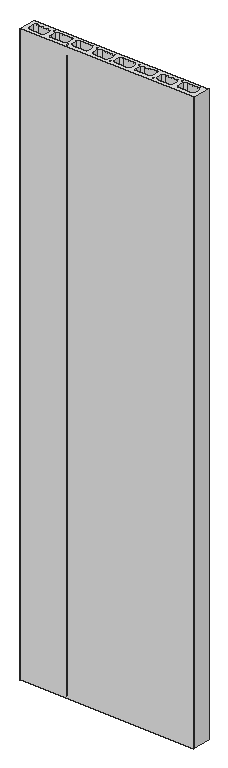
Revit family "ECP_MNLK-6060S7K", category Generic Models, Revit 2022
Family settings
  Can host rebar = No
  Round Connector Dimension = Use Diameter
  Part Type = Normal
  Work Plane-Based = No
  Always vertical = Yes
  Cut with Voids When Loaded = Yes
  Maintain Annotation Orientation = No
  Shared = No
  Room Calculation Point = No
Parameters (values of type "ECP_MNLK-6060S7K")
  長さ [instance] = 2000 mm
  穴表示 = yes
  材質 = 40Msr_ECP
  Default Elevation = 0 mm
  既存長さ = 610 mm
  幅 [instance] = 600 mm
  固定寸法 = 600 mm
  厚さ = 60 mm
  メースカット非表示 = yes
  メースカット [instance] = 既存長さ - 幅 - 10 mm  # 0 mm
  オースカット非表示 = no
  オースカット = 0 mm
Reference planes
  plane 1 "中心(正面/背面)": y = 0
  plane 2: z = 0
  plane 3 "中心(左/右)": x = 0
  plane 4: y = -30
  plane 5: y = 30
  plane 6: z = 2000
  plane 7: x = 600
Forms (mm)
  Extrusion 1, solid, material "40Msr_ECP" <- "材質", detail levels fine
    sketch origin (0, 0, 0) x (1, 0, 0) y (0, 1, 0)
      loop
        line (0, -28) -> (2, -30) -> (598, -30) -> (600, -28) -> (600, 28) -> (598, 30) -> (2, 30) -> (0, 28) -> (0, -28)
    from 0 to 2000
  Extrusion 2, void
    sketch origin (-50, 0, 0) x (1, 0, 0) y (0, 1, 0)
      loop
        line (650, -30) -> (660, -30) -> (660, 30) -> (650, 30) -> (650, -30)
    from 0 to 2000
  Extrusion 3, void
    sketch origin (-617, 0, 0) x (1, 0, 0) y (0, 1, 0)
      loop
        line (640, -17) -> (683, -17)
        arc (683, -17) -> (688.657, -14.657) -> (691, -9) r 8
        line (691, -9) -> (691, 9) -> (683, 17) -> (640, 17)
        arc (640, 17) -> (634.343, 14.657) -> (632, 9) r 8
        line (632, 9) -> (632, -9)
        arc (632, -9) -> (634.343, -14.657) -> (640, -17) r 8
      loop
        line (713, -17) -> (756, -17) -> (764, -9) -> (764, 9)
        arc (764, 9) -> (761.657, 14.657) -> (756, 17) r 8
        line (756, 17) -> (713, 17) -> (705, 9) -> (705, -9)
        arc (705, -9) -> (707.343, -14.657) -> (713, -17) r 8
      loop
        arc (786, 17) -> (780.343, 14.657) -> (778, 9) r 8
        line (778, 9) -> (778, -9) -> (786, -17) -> (829, -17)
        arc (829, -17) -> (834.657, -14.657) -> (837, -9) r 8
        line (837, -9) -> (837, 9) -> (829, 17) -> (786, 17)
      loop
        line (859, 17) -> (851, 9) -> (851, -9)
        arc (851, -9) -> (853.343, -14.657) -> (859, -17) r 8
        line (859, -17) -> (902, -17) -> (910, -9) -> (910, 9)
        arc (910, 9) -> (907.657, 14.657) -> (902, 17) r 8
        line (902, 17) -> (859, 17)
      loop
        arc (932, 17) -> (926.343, 14.657) -> (924, 9) r 8
        line (924, 9) -> (924, -9) -> (932, -17) -> (975, -17)
        arc (975, -17) -> (980.657, -14.657) -> (983, -9) r 8
        line (983, -9) -> (983, 9) -> (975, 17) -> (932, 17)
      loop
        line (1005, 17) -> (997, 9) -> (997, -9)
        arc (997, -9) -> (999.343, -14.657) -> (1005, -17) r 8
        line (1005, -17) -> (1048, -17) -> (1056, -9) -> (1056, 9)
        arc (1056, 9) -> (1053.657, 14.657) -> (1048, 17) r 8
        line (1048, 17) -> (1005, 17)
      loop
        arc (1078, 17) -> (1072.343, 14.657) -> (1070, 9) r 8
        line (1070, 9) -> (1070, -9) -> (1078, -17) -> (1121, -17)
        arc (1121, -17) -> (1126.657, -14.657) -> (1129, -9) r 8
        line (1129, -9) -> (1129, 9) -> (1121, 17) -> (1078, 17)
      loop
        line (1151, 17) -> (1143, 9) -> (1143, -9)
        arc (1143, -9) -> (1145.343, -14.657) -> (1151, -17) r 8
        line (1151, -17) -> (1194, -17)
        arc (1194, -17) -> (1199.657, -14.657) -> (1202, -9) r 8
        line (1202, -9) -> (1202, 9)
        arc (1202, 9) -> (1199.657, 14.657) -> (1194, 17) r 8
        line (1194, 17) -> (1151, 17)
      loop
        circle (1136, 17) r 1.3
      loop
        circle (1063, -17) r 1.3
      loop
        circle (990, 17) r 1.3
      loop
        circle (917, -17) r 1.3
      loop
        circle (844, 17) r 1.3
      loop
        circle (771, -17) r 1.3
      loop
        circle (698, 17) r 1.3
    from 0 to 2000
Cuts and joins
  Extrusion 2, Extrusion 3 cuts Extrusion 1
Lines and regions (mm)
  symbolic lines, style "ECPパネル", detail levels coarse+medium
    curve 1: line (0, 30, 0) -> (600, 30, 0)
    curve 2: line (0, -30, 0) -> (0, 30, 0)
    curve 3: line (600, -30, 0) -> (0, -30, 0)
    curve 4: line (600, 30, 0) -> (600, -30, 0)
    curve 5: line (0, 0, 0) -> (600, 0, 0)
    curve 6: line (0, 0, 2000) -> (0, 0, 0)
    curve 7: line (600, 0, 2000) -> (0, 0, 2000)
    curve 8: line (600, 0, 0) -> (600, 0, 2000)
    curve 9: line (0, -30, 2000) -> (0, 30, 2000)
    curve 10: line (0, -30, 0) -> (0, -30, 2000)
    curve 11: line (0, 30, 0) -> (0, -30, 0)
    curve 12: line (0, 30, 2000) -> (0, 30, 0)
  model lines, detail levels coarse+medium
    curve 13: line (0, 8, 0) -> (0, -8, 0)
Dimensions and locks
  "厚さ": plane 4 to plane 5
  "長さ": plane 6 to level
  equal spacing: plane 4, plane 1 "中心(正面/背面)", plane 5
  "既存長さ": plane 3 "中心(左/右)" to Extrusion 2
  "既存長さ": plane 3 "中心(左/右)" to Extrusion 2 sketch curve
  "長さ": cut or joined group of Extrusion 1, Extrusion 2, Extrusion 3 to level
  "長さ": Extrusion 2 to level
  "幅": cut or joined group of Extrusion 1, Extrusion 2, Extrusion 3 to curve 8
  "長さ": level to Extrusion 3
  "固定寸法": plane 3 "中心(左/右)" to cut or joined group of Extrusion 1, Extrusion 2, Extrusion 3
  "幅": plane 3 "中心(左/右)" to plane 7
  "メースカット": Extrusion 2 sketch curve to cut or joined group of Extrusion 1, Extrusion 2, Extrusion 3
  aligned and locked: level to plane 2
Automatic sketch dimensions
  curve 11 to level = 0 mm
  curve 11 to plane 4 = 0 mm
  curve 11 to plane 5 = 0 mm
  curve 10 to plane 6 = 0 mm
  curve 7 to plane 3 "中心(左/右)" = 0 mm
  curve 7 to plane 6 = 0 mm
  curve 8 to level = 0 mm
  Extrusion 1 sketch curve to plane 3 "中心(左/右)" = 0 mm
  plane 5 to Extrusion 1 sketch curve = 0 mm
  plane 4 to Extrusion 1 sketch curve = 0 mm
  plane 3 "中心(左/右)" to Extrusion 1 sketch curve = 2 mm  (x2)
  plane 5 to Extrusion 1 sketch curve = 2 mm  (x2)
  Extrusion 1 sketch curve to Extrusion 1 sketch curve = 2 mm  (x2)
  Extrusion 1 sketch curve to plane 4 = 2 mm  (x2)
  Extrusion 3 sketch curve to Extrusion 3 sketch curve = 8 mm  (x27)
  Extrusion 3 sketch curve to plane 4 = 13 mm  (x7)
  Extrusion 3 sketch curve to Extrusion 3 sketch curve = 43 mm  (x8)
  Extrusion 3 sketch curve to Extrusion 3 sketch curve = 0 mm  (x7)
  Extrusion 3 sketch curve to Extrusion 3 sketch curve = 7 mm  (x13)
  Extrusion 3 sketch curve to plane 1 "中心(正面/背面)" = 9 mm  (x13)
  plane 5 to Extrusion 3 sketch curve = 13 mm  (x5)
  plane 1 "中心(正面/背面)" to Extrusion 3 sketch curve = 9 mm  (x10)
  plane 3 "中心(左/右)" to Extrusion 3 sketch curve = 23 mm
  Extrusion 3 sketch curve to Extrusion 3 sketch curve = 14 mm
  Extrusion 1 sketch curve to Extrusion 1 sketch curve = 596 mm
  plane 4 to Extrusion 2 sketch curve = 0 mm
  plane 5 to Extrusion 2 sketch curve = 0 mm
  curve 1 to plane 3 "中心(左/右)" = 0 mm
  curve 13 to plane 3 "中心(左/右)" = 0 mm
  plane 4 to curve 4 = 0 mm
  curve 4 to plane 7 = 0 mm
  plane 5 to curve 1 = 0 mm
  plane 1 "中心(正面/背面)" to curve 13 = 8 mm
  curve 13 to plane 1 "中心(正面/背面)" = 8 mm
  radius of Extrusion 3 sketch curve = 1.3 mm  (x7)
